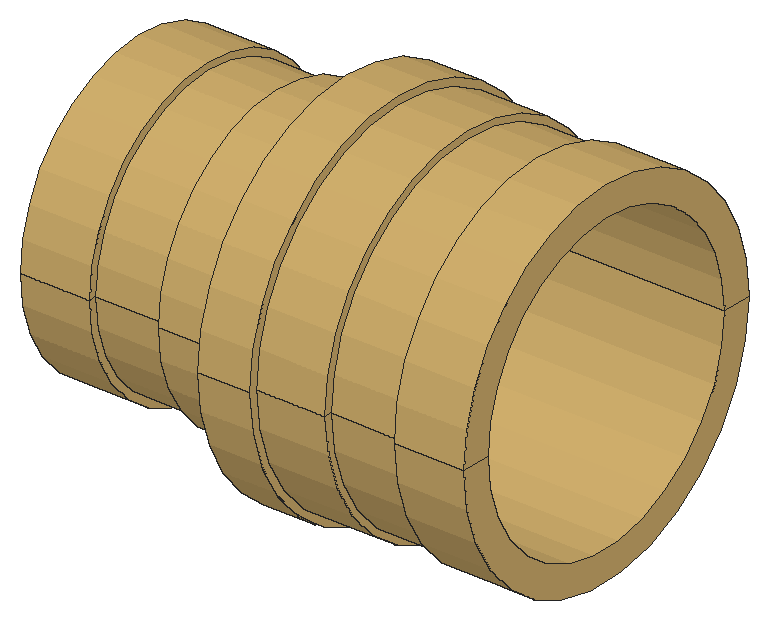
Revit family "PEX_Reducao", category Pipe Fittings, Revit 2025
Family settings
  Round Connector Dimension = Use Radius
  Part Type = Transition
  OmniClass Number = 23.60.30.11.14
  OmniClass Title = Pipework Fittings
  Work Plane-Based = No
  Always vertical = Yes
  Cut with Voids When Loaded = No
  Shared = No
Parameters
  URL = "https://www.ultrapex.com.br/_files/ugd/9f3173_32d47a29bbff48b5af4781a5d529eee8.pdf"
  ULTRAPEX: Versão = "00"  # constant formula
  ULTRAPEX: Norma Técnica = "NBR 15939"  # constant formula
  ULTRAPEX: Descrição [instance] = size_lookup(LookupTable, "DES", "Produto Inexistente", DN1, DN2)  # "Luva de Redução 20x16 mm - ULTRAPEX"
  ULTRAPEX: Código [instance] = size_lookup(LookupTable, "COD", 0, DN1, DN2)  # 9062016
  Type Image = Luva de Redução.png
  RN2 [instance] = 10 mm
  RN1 [instance] = 8 mm
  Material = Latão - Ultrapex
  LookupTable = "Luva de Redução - ULTRAPEX"
  IfcExportAs = "IfcPipeFittingType.CONNECTOR"  # constant formula
  Manufacturer = "UltraPEX"  # constant formula
  Espessura Divisória [instance] = 3.5 mm
  Default Elevation = 0 mm
  Description = "Luva de Redução - ULTRAPEX"
  DN2 [instance] = RN2 * 2  # 20 mm
  DN1 [instance] = RN1 * 2  # 16 mm
  Cota B [instance] = size_lookup(LookupTable, "B", 25 mm, DN1, DN2)  # 25 mm
  Alerta [instance] = if(ULTRAPEX: Código = 0, 1 = 1, 1 = 0)  # no
Reference planes
  plane 1 "Centro (Frente/Trás)": y = 0
  plane 2: z = 0
  plane 3 "Centro (Esquerda/Direita)": x = 0
  plane 4: x = 0
  plane 5: x = 0
  plane 6: x = -1.75
  plane 7: x = 1.75
Forms (mm)
  Extrusion 1, solid, material "Latão - Ultrapex" <- "Material", detail levels fine
    sketch origin (0, 0, 0) x (0, 1, 0) y (0, 0, 1)
      loop
        circle (0, 0) r 12.5
    from -1.75 to 1.75
Lines and regions (mm)
  model lines, detail levels coarse+medium
    curve 1: line (-1.75, 0, 0) -> (1.75, 0, 0)
    curve 2: line (0, -12.5, 0) -> (0, 12.5, 0)
Dimensions and locks
  equal spacing: plane 6, plane 3 "Centro (Esquerda/Direita)", plane 7
  "Espessura Divisória": plane 6 to plane 7
  equal spacing: curve 2, plane 1 "Centro (Frente/Trás)", curve 2
  "Cota B": curve 2 to curve 2
  "Cota B": diameter of Extrusion 1 sketch curve
  aligned and locked: plane 2 to level
  aligned and locked: plane 6 to Extrusion 1
  aligned and locked: Extrusion 1 to plane 7
  aligned and locked: nested 1 to plane 1 "Centro (Frente/Trás)"
  aligned and locked: nested 1 to plane 6
  aligned and locked: nested 2 to plane 7
  aligned and locked: plane 6 to curve 1
  aligned and locked: plane 7 to curve 1
  aligned and locked: plane 3 "Centro (Esquerda/Direita)" to curve 2
Automatic sketch dimensions
  plane 1 "Centro (Frente/Trás)" to curve 1 = 0 mm
  Extrusion 1 sketch curve to level = 0 mm
  Extrusion 1 sketch curve to plane 1 "Centro (Frente/Trás)" = 0 mm
Nested families
  nested 1: "Anel Deslizante - ULTRAPEX" at (-1.75, 0, 0) x (0, 1, 0) z (0, 0, 1), Diâmetro Nominal <- "DN1", type "Anel Deslizante - ULTRAPEX"
    with ULTRAPEX: Descrição "Anel Deslizante 16 mm - ULTRAPEX", ULTRAPEX: Código 9040016, Diâmetro Nominal 16 mm, DN 16 mm, Cota C 4.667 mm, Cota B 14 mm, Cota A 20 mm
  nested 2: "Anel Deslizante - ULTRAPEX" at (1.75, 0, 0) x (0, 1, 0) z (0, 0, 1), Diâmetro Nominal <- "DN2", type "Anel Deslizante - ULTRAPEX"
    with ULTRAPEX: Descrição "Anel Deslizante 20  mm - ULTRAPEX", ULTRAPEX: Código 9040020, Diâmetro Nominal 20 mm, DN 20 mm, Cota C 4.667 mm, Cota B 14 mm, Cota A 24 mm
Connectors
  piping at (-1.75, 0, 0), diameter 16, driven by "RN1"
    settings: on nested 1, index 1, connector inside diameter 609.6 mm, connector length 0 mm, flow factor 0, pipe flow 0.0 L/s, pressure drop 0.0 Pa, fitting loss kfactor 0, connector angle 0.00°, fixture units 0, engagement length 0 mm, angle of deflection 0.00°, flow configuration 0, flow direction 0, fitting loss method 0, system type 28, joint type 0, gender type 0, connector reference index -1, connector utility 0, adjustable connector no, is connector primary yes, connector description ""
  piping at (1.75, 0, 0), diameter 20, driven by "RN2"
    settings: on nested 2, index 2, connector inside diameter 609.6 mm, connector length 0 mm, flow factor 0, pipe flow 0.0 L/s, pressure drop 0.0 Pa, fitting loss kfactor 0, connector angle 0.00°, fixture units 0, engagement length 0 mm, angle of deflection 0.00°, flow configuration 0, flow direction 0, fitting loss method 0, system type 28, joint type 0, gender type 0, connector reference index -1, connector utility 0, adjustable connector no, is connector primary no, connector description ""
Definition of nested family "Anel Deslizante - ULTRAPEX"
  Parameters (values of type "Anel Deslizante - ULTRAPEX")
    URL = "https://www.ultrapex.com.br/_files/ugd/9f3173_32d47a29bbff48b5af4781a5d529eee8.pdf"
    ULTRAPEX: Versão = "00"  # constant formula
    ULTRAPEX: Norma Técnica = "NBR 15939"  # constant formula
    ULTRAPEX: Descrição [instance] = size_lookup(LookupTable, "DES", "Produto Inexistente", Diâmetro Nominal)  # "Anel Deslizante 16 mm - ULTRAPEX"
    ULTRAPEX: Código [instance] = size_lookup(LookupTable, "COD", 0, Diâmetro Nominal)  # 9040016
    Type Image = element 279930
    Material = none
    LookupTable = "Anel Deslizante - ULTRAPEX"  # constant formula
    IfcExportAs = "IfcPipeFittingType.CONNECTOR"  # constant formula
    Manufacturer = "UltraPEX"  # constant formula
    Default Elevation = 0 mm
    Diâmetro Nominal [instance] = 16 mm
    Description = "Anel Deslizante - ULTRAPEX"
    DN [instance] = size_lookup(LookupTable, "DN", 16 mm, Diâmetro Nominal)  # 16 mm
    Cota C [instance] = Cota B / 3  # 4.667 mm
    Cota B [instance] = size_lookup(LookupTable, "B", 14 mm, Diâmetro Nominal)  # 14 mm
    Cota A [instance] = size_lookup(LookupTable, "A", 20 mm, Diâmetro Nominal)  # 20 mm
  Reference planes
    plane 1 "Centro (Frente/Trás)": y = 0
    plane 2: z = 0
    plane 3 "Centro (Esquerda/Direita)": x = 0
    plane 4: x = 8
    plane 5: x = -8
    plane 6: x = -10
    plane 7: x = 10
    plane 8: y = 14
  Forms (mm)
    Revolve 1, solid, material <- "Material", detail levels fine
      sketch origin (0, 0, 0) x (1, 0, 0) y (0, 1, 0)
        loop
          line (10, 0) -> (10, 14) -> (8, 14) -> (8, 0) -> (10, 0)
        axis (0, 0) -> (0, 14)
      angle from 0 to 360
    Revolve 2, void
      sketch origin (0, 0, 0) x (1, 0, 0) y (0, 1, 0)
        loop
          line (-10.952, 9.333) -> (-10.952, 4.667) -> (-9.524, 4.667) -> (-9.524, 9.333) -> (-10.952, 9.333)
        axis (0, 4.667) -> (0, 9.333)
      angle from 0 to 360
  Cuts and joins
    Revolve 2 cuts Revolve 1
  Lines and regions (mm)
    model lines, detail levels coarse+medium
      curve 1: line (0, 0, 0) -> (0, 14, 0)
  Dimensions and locks
    "DN": plane 5 to plane 4
    "Cota A": plane 6 to plane 7
    equal spacing: plane 6, plane 3 "Centro (Esquerda/Direita)", plane 7
    equal spacing: plane 5, plane 3 "Centro (Esquerda/Direita)", plane 4
    "Cota B": plane 1 "Centro (Frente/Trás)" to plane 8
    "Cota C": Revolve 2 sketch curve to plane 8
    "Cota C": plane 1 "Centro (Frente/Trás)" to Revolve 2 sketch curve
    locked: plane 6 to Revolve 2 sketch curve at 0.476
    locked: Revolve 2 sketch curve to Revolve 2 sketch curve at 1.428
    aligned and locked: level to plane 2
    aligned and locked: plane 3 "Centro (Esquerda/Direita)" to Revolve 1 sketch curve
    aligned and locked: Revolve 1 sketch curve to plane 7
    aligned and locked: plane 4 to Revolve 1 sketch curve
    aligned and locked: plane 1 "Centro (Frente/Trás)" to Revolve 1 sketch curve
    aligned and locked: plane 8 to Revolve 1 sketch curve
    aligned and locked: plane 8 to curve 1
    aligned and locked: plane 1 "Centro (Frente/Trás)" to curve 1
  Automatic sketch dimensions
    plane 1 "Centro (Frente/Trás)" to Revolve 1 sketch curve = 0 mm
    Revolve 1 sketch curve to Revolve 1 sketch curve = 0 mm
    curve 1 to plane 3 "Centro (Esquerda/Direita)" = 0 mm
    Revolve 2 sketch curve to plane 3 "Centro (Esquerda/Direita)" = 0 mm
    plane 1 "Centro (Frente/Trás)" to Revolve 2 sketch curve = 0 mm
    plane 8 to Revolve 2 sketch curve = 2.253 mm
